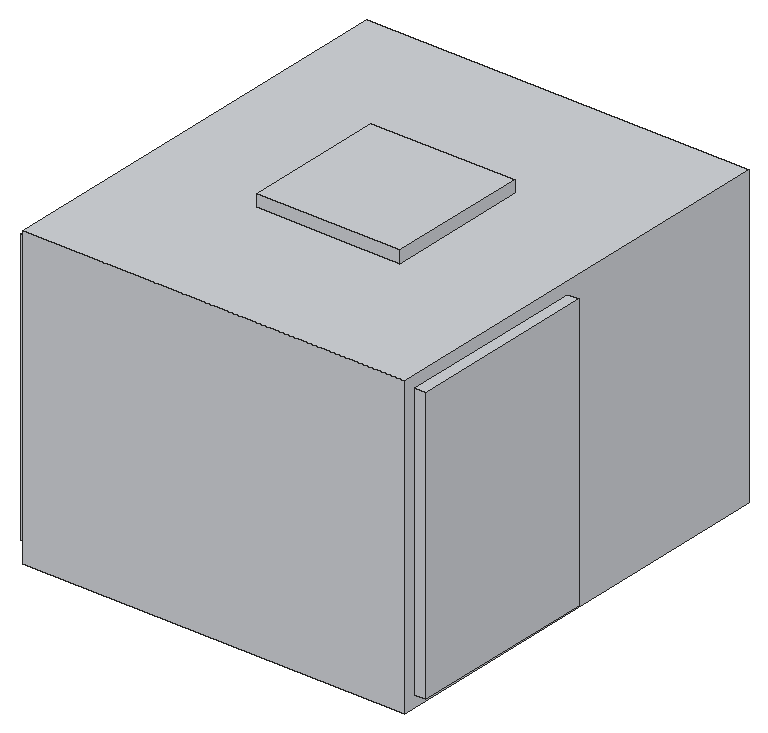
Revit family "b8012ef8675b4a7382fa5057be4af457", category Mechanical Equipment, Revit 2021
Family settings
  Round Connector Dimension = Use Diameter
  Part Type = Normal
  OmniClass Number = 23.75.35.17.14
  OmniClass Title = Fans, Single Units
  Seek Item ID = Fan Module -  Rear Discharge Up-0000-USA-ENU
  Work Plane-Based = No
  Always vertical = Yes
  Cut with Voids When Loaded = No
  Shared = No
  Room Calculation Point = No
Parameters (values of type "1800 CFM")
  Width = 1' - 4"
  Voltage = 208 V
  Symbol Motor Radius = Half Inlet Width * 0.4  # 0' - 6.4"
  Symbol Length = Fan Width / 2 - Symbol Motor Radius - 0' 2"  # 0' - 9.6"
  Radius 2 = 1 / 6 * Fan Length  # 0' - 5.33333"
  Outlet Width = Outlet Height  # 12"
  Outlet Height = 12"
  Load Classification = Cooling
  External Static Pressure [instance] = 0.75 in-wg
  Number of Poles = 3
  Inlet Width = Fan Height  # 25"
  Inlet Height = Fan Length  # 32"
  Half Inlet Width = Fan Length / 2  # 1' - 4"
  Half Inlet Height = Fan Width / 2  # 1' - 6"
  Half Fan Height = Fan Height / 2  # 1' - 0 1/2"
  Half Outlet Width = Outlet Width / 2  # 0' - 6"
  Half Outlet Height = Outlet Height / 2  # 0' - 6"
  Fan Width = 3' - 0"
  Fan Material = none
  Fan Length = 2' - 8"
  Fan Height = 2' - 1"
  Default Elevation = 0' - 0"
  Apparent Load [instance] = 13000 VA
  Air Flow [instance] = 1800 CFM
Types (17): name | Width | Voltage | Symbol Motor Radius | Symbol Length | Radius 2 | Outlet Width | Outlet Height | Inlet Width | Inlet Height | Half Inlet Width | Half Inlet Height | Half Fan Height | Half Outlet Width | Half Outlet Height | Fan Width | Fan Length | Fan Height | Apparent Load | Air Flow
  (no name) | 1' - 4" | 208 V | 0' - 6.4" | 0' - 9.6" | 0' - 5.33333" | 12" | 12" | 25" | 32" | 1' - 4" | 1' - 6" | 1' - 0 1/2" | 0' - 6" | 0' - 6" | 3' - 0" | 2' - 8" | 2' - 1" | 13000 VA | 1800 CFM
  1800 CFM | 1' - 4" | 208 V | 0' - 6.4" | 0' - 9.6" | 0' - 5.33333" | 12" | 12" | 25" | 32" | 1' - 4" | 1' - 6" | 1' - 0 1/2" | 0' - 6" | 0' - 6" | 3' - 0" | 2' - 8" | 2' - 1" | 13000 VA | 1800 CFM
  3600 CFM | 1' - 4" | 208 V | 0' - 8.8" | 0' - 10.2" | 0' - 7.33333" | 16" | 16" | 28" | 44" | 1' - 10" | 1' - 9" | 1' - 2" | 0' - 8" | 0' - 8" | 3' - 6" | 3' - 8" | 2' - 4" | 26000 VA | 3600 CFM
  4800 CFM | 1' - 4" | 208 V | 0' - 9.6" | 0' - 10.4" | 0' - 8" | 18" | 18" | 32" | 48" | 2' - 0" | 1' - 10" | 1' - 4" | 0' - 9" | 0' - 9" | 3' - 8" | 4' - 0" | 2' - 8" | 32000 VA | 4800 CFM
  6000 CFM | 1' - 4" | 208 V | 1' - 0" | 0' - 3" | 0' - 10" | 20" | 20" | 34" | 60" | 2' - 6" | 1' - 5" | 1' - 5" | 0' - 10" | 0' - 10" | 2' - 10" | 5' - 0" | 2' - 10" | 44000 VA | 6000 CFM
  7200 CFM | 1' - 4" | 208 V | 1' - 0.8" | 0' - 4.2" | 0' - 10.66667" | 22" | 22" | 38" | 64" | 2' - 8" | 1' - 7" | 1' - 7" | 0' - 11" | 0' - 11" | 3' - 2" | 5' - 4" | 3' - 2" | 53000 VA | 7200 CFM
  8400 CFM | 1' - 4" | 208 V | 1' - 1.6" | 0' - 4.4" | 0' - 11.33333" | 24" | 24" | 40" | 68" | 2' - 10" | 1' - 8" | 1' - 8" | 1' - 0" | 1' - 0" | 3' - 4" | 5' - 8" | 3' - 4" | 63000 VA | 8400 CFM
  10200 CFM | 1' - 4" | 208 V | 1' - 2.8" | 0' - 5.2" | 1' - 0.33333" | 28" | 28" | 44" | 74" | 3' - 1" | 1' - 10" | 1' - 10" | 1' - 2" | 1' - 2" | 3' - 8" | 6' - 2" | 3' - 8" | 75000 VA | 10200 CFM
  12600 CFM | 2' - 0" | 208 V | 1' - 3.2" | 0' - 7.8" | 1' - 0.66667" | 28" | 28" | 50" | 76" | 3' - 2" | 2' - 1" | 2' - 1" | 1' - 2" | 1' - 2" | 4' - 2" | 6' - 4" | 4' - 2" | 95000 VA | 12600 CFM
  15000 CFM | 2' - 0" | 208 V | 1' - 3.6" | 0' - 10.4" | 1' - 1" | 32" | 32" | 56" | 78" | 3' - 3" | 2' - 4" | 2' - 4" | 1' - 4" | 1' - 4" | 4' - 8" | 6' - 6" | 4' - 8" | 95000 VA | 15000 CFM
  18000 CFM | 2' - 0" | 208 V | 1' - 6.4" | 0' - 7.6" | 1' - 3.33333" | 32" | 32" | 56" | 92" | 3' - 10" | 2' - 4" | 2' - 4" | 1' - 4" | 1' - 4" | 4' - 8" | 7' - 8" | 4' - 8" | 120000 VA | 18000 CFM
  21000 CFM | 2' - 0" | 480 V | 1' - 7.2" | 0' - 9.8" | 1' - 4" | 34" | 34" | 62" | 96" | 4' - 0" | 2' - 7" | 2' - 7" | 1' - 5" | 1' - 5" | 5' - 2" | 8' - 0" | 5' - 2" | 120000 VA | 21000 CFM
  24000 CFM | 2' - 2 3/16" | 480 V | 1' - 10" | 0' - 7" | 1' - 6.33333" | 38" | 38" | 62" | 110" | 4' - 7" | 2' - 7" | 2' - 7" | 1' - 7" | 1' - 7" | 5' - 2" | 9' - 2" | 5' - 2" | 120000 VA | 24000 CFM
  30000 CFM | 2' - 2 3/16" | 480 V | 2' - 0" | 0' - 9" | 1' - 8" | 42" | 42" | 74" | 120" | 5' - 0" | 2' - 11" | 3' - 1" | 1' - 9" | 1' - 9" | 5' - 10" | 10' - 0" | 6' - 2" | 120000 VA | 30000 CFM
  39600 CFM | 2' - 0" | 480 V | 2' - 3.6" | 1' - 0.4" | 1' - 11" | 48" | 48" | 92" | 138" | 5' - 9" | 3' - 6" | 3' - 10" | 2' - 0" | 2' - 0" | 7' - 0" | 11' - 6" | 7' - 8" | 120000 VA | 39600 CFM
  48000 CFM | 2' - 0" | 480 V | 2' - 3.6" | 1' - 4.4" | 1' - 11" | 52" | 52" | 110" | 138" | 5' - 9" | 3' - 10" | 4' - 7" | 2' - 2" | 2' - 2" | 7' - 8" | 11' - 6" | 9' - 2" | 120000 VA | 48000 CFM
  60000 CFM | 2' - 0" | 480 V | 2' - 6.4" | 1' - 3.6" | 2' - 1.33333" | 64" | 64" | 120" | 152" | 6' - 4" | 4' - 0" | 5' - 0" | 2' - 8" | 2' - 8" | 8' - 0" | 12' - 8" | 10' - 0" | 120000 VA | 60000 CFM
Reference planes (in)
  plane 1 "Center (Front/Back)": y = 0
  plane 2: z = 0
  plane 3 "Center (Left/Right)": x = 0
  plane 4: x = -16
  plane 5: x = 16
  plane 6: y = -36
  plane 7: z = 25
  plane 8: x = -17
  plane 9: x = 17
  plane 10: y = -35
  plane 11: y = -19
  plane 12: z = 24
  plane 13: z = 1
  plane 14: x = -6
  plane 15: x = 6
  plane 16: y = -24
  plane 17: y = -18
  plane 18: y = -12
  plane 19: z = 26
  plane 20: z = 12.5
  plane 21: y = -18
  plane 22: y = -24.4
  plane 23: y = -34
  plane 24: x = 6.4
Forms (in)
  Extrusion 1, solid, material <- "Fan Material"
    sketch origin (0, 0, 0) x (1, 0, 0) y (0, 1, 0)
      loop
        line (-16, 0) -> (-16, -36) -> (16, -36) -> (16, 0) -> (-16, 0)
    from 0 to 25
  Extrusion 2, solid, material <- "Fan Material"
    sketch origin (0, 0, 0) x (0, 1, 0) y (0, 0, 1)
      loop
        line (-19, 24) -> (-35, 24) -> (-35, 1) -> (-19, 1) -> (-19, 24)
    from -17 to -16
  Extrusion 3, solid, material <- "Fan Material"
    sketch origin (0, 0, 0) x (0, 1, 0) y (0, 0, 1)
      loop
        line (-19, 24) -> (-35, 24) -> (-35, 1) -> (-19, 1) -> (-19, 24)
    from 16 to 17
  Extrusion 4, solid, material <- "Fan Material"
    sketch origin (0, 0, 0) x (1, 0, 0) y (0, 1, 0)
      loop
        line (-6, -12) -> (-6, -24) -> (6, -24) -> (6, -12) -> (-6, -12)
    from 25 to 26
Cuts and joins
  joined: Extrusion 1, Extrusion 2, Extrusion 3, Extrusion 4
Lines and regions (in)
  symbolic lines, detail levels coarse+medium
    curve 1: circle (0, -18, 12.5) r 5.33333 normal (0, 0, 1)
    curve 2: line (0, -24.4, 12.5) -> (0, -34, 12.5)
    curve 3: line (0, -34, 12.5) -> (6.4, -34, 12.5)
    curve 4: line (6.4, -34, 12.5) -> (6.4, -18, 12.5)
    curve 5: arc (6.4, -18, 12.5) -> (-4.52548, -13.47452, 12.5) -> (0, -24.4, 12.5) r 6.4
    curve 6: line (-17, 0, 12.5) -> (17, 0, 12.5)
    curve 7: line (-17, -36, 12.5) -> (-17, 0, 12.5)
    curve 8: line (17, -36, 12.5) -> (-17, -36, 12.5)
    curve 9: line (17, 0, 12.5) -> (17, -36, 12.5)
  symbolic lines, detail levels fine
    curve 10: line (-16, 0, 12.5) -> (16, 0, 12.5)
    curve 11: line (-16, -36, 12.5) -> (-16, 0, 12.5)
    curve 12: line (16, -36, 12.5) -> (-16, -36, 12.5)
    curve 13: line (16, 0, 12.5) -> (16, -36, 12.5)
    curve 14: line (-6, -12, 12.5) -> (6, -12, 12.5)
    curve 15: line (-6, -24, 12.5) -> (-6, -12, 12.5)
    curve 16: line (6, -24, 12.5) -> (-6, -24, 12.5)
    curve 17: line (6, -12, 12.5) -> (6, -24, 12.5)
    curve 18: line (-17, -19, 12.5) -> (-16, -19, 12.5)
    curve 19: line (-17, -35, 12.5) -> (-17, -19, 12.5)
    curve 20: line (-16, -35, 12.5) -> (-17, -35, 12.5)
    curve 21: line (-16, -19, 12.5) -> (-16, -35, 12.5)
    curve 22: line (16, -19, 12.5) -> (17, -19, 12.5)
    curve 23: line (16, -35, 12.5) -> (16, -19, 12.5)
    curve 24: line (17, -35, 12.5) -> (16, -35, 12.5)
    curve 25: line (17, -19, 12.5) -> (17, -35, 12.5)
Dimensions and locks (in)
  equal spacing: plane 4, plane 3 "Center (Left/Right)", plane 5
  "Half Inlet Width": plane 4 to plane 3 "Center (Left/Right)"
  "Fan Width": plane 6 to plane 1 "Center (Front/Back)"
  "Fan Height": plane 7 to plane 2
  locked: plane 4 to plane 8 at 1
  locked: plane 9 to plane 5 at 1
  locked: plane 10 to plane 6 at 1
  "Width": plane 11 to plane 10
  locked: plane 7 to plane 12 at 1
  locked: plane 13 to plane 2 at 1
  equal spacing: plane 14, plane 3 "Center (Left/Right)", plane 15
  "Half Outlet Width": plane 14 to plane 3 "Center (Left/Right)"
  locked: plane 16 to plane 6 at 12
  equal spacing: plane 18, plane 17, plane 16
  "Half Outlet Height": plane 17 to plane 16
  locked: plane 19 to plane 7 at 1
  "Half Fan Height": plane 20 to plane 2
  equal spacing: plane 6, plane 21, plane 1 "Center (Front/Back)"
  "Half Inlet Height": plane 21 to plane 1 "Center (Front/Back)"
  "Symbol Motor Radius": plane 21 to plane 22
  "Symbol Length": plane 22 to plane 23
  "Symbol Motor Radius": plane 3 "Center (Left/Right)" to plane 24
  "Radius 2": radius of curve 1
  aligned and locked: plane 4 to Extrusion 1 sketch curve
  aligned and locked: plane 1 "Center (Front/Back)" to Extrusion 1 sketch curve
  aligned and locked: plane 6 to Extrusion 1 sketch curve
  aligned and locked: Extrusion 1 sketch curve to plane 5
  aligned and locked: plane 7 to Extrusion 1
  aligned and locked: Extrusion 1 to level
  aligned and locked: plane 11 to Extrusion 2 sketch curve
  aligned and locked: plane 12 to Extrusion 2 sketch curve
  aligned and locked: plane 13 to Extrusion 2 sketch curve
  aligned and locked: plane 10 to Extrusion 2 sketch curve
  aligned and locked: Extrusion 2 to plane 8
  aligned and locked: plane 4 to Extrusion 2
  aligned and locked: Extrusion 3 sketch curve to Extrusion 2  (x3)
  aligned and locked: Extrusion 2 to Extrusion 3 sketch curve
  aligned and locked: plane 9 to Extrusion 3
  aligned and locked: Extrusion 3 to plane 5
  aligned and locked: plane 14 to Extrusion 4 sketch curve
  aligned and locked: Extrusion 4 sketch curve to plane 18
  aligned and locked: plane 16 to Extrusion 4 sketch curve
  aligned and locked: Extrusion 4 sketch curve to plane 15
  aligned and locked: plane 19 to Extrusion 4
  aligned and locked: Extrusion 4 to plane 7
  aligned and locked: plane 3 "Center (Left/Right)" to curve 1
  aligned and locked: plane 21 to curve 1
  aligned and locked: curve 2 to plane 3 "Center (Left/Right)"
  aligned and locked: curve 3 to plane 23
  aligned and locked: plane 24 to curve 4
  aligned and locked: plane 22 to curve 5
  aligned and locked: plane 24 to curve 5
  aligned and locked: plane 21 to curve 4
  aligned and locked: plane 8 to curve 6
  aligned and locked: plane 1 "Center (Front/Back)" to curve 6
  aligned and locked: plane 6 to curve 9
  aligned and locked: curve 9 to plane 9
  aligned and locked: curve 10 to cut or joined group of Extrusion 1, Extrusion 2, Extrusion 3, Extrusion 4
  aligned and locked: curve 6 to curve 10
  aligned and locked: curve 8 to curve 13
  aligned and locked: curve 13 to cut or joined group of Extrusion 1, Extrusion 2, Extrusion 3, Extrusion 4
  aligned and locked: curve 14 to cut or joined group of Extrusion 1, Extrusion 2, Extrusion 3, Extrusion 4  (x2)
  aligned and locked: cut or joined group of Extrusion 1, Extrusion 2, Extrusion 3, Extrusion 4 to curve 17
  aligned and locked: curve 17 to cut or joined group of Extrusion 1, Extrusion 2, Extrusion 3, Extrusion 4
  aligned and locked: curve 7 to curve 18
  aligned and locked: curve 18 to cut or joined group of Extrusion 1, Extrusion 2, Extrusion 3, Extrusion 4
  aligned and locked: curve 21 to cut or joined group of Extrusion 1, Extrusion 2, Extrusion 3, Extrusion 4
  aligned and locked: curve 21 to curve 11
  aligned and locked: curve 13 to curve 22
  aligned and locked: curve 22 to cut or joined group of Extrusion 1, Extrusion 2, Extrusion 3, Extrusion 4
  aligned and locked: curve 25 to cut or joined group of Extrusion 1, Extrusion 2, Extrusion 3, Extrusion 4
  aligned and locked: curve 9 to curve 25
Connectors (in)
  hvac at (0, -18, 26), driven by "Outlet Width", driven by "Outlet Height", driven by "Air Flow", driven by "External Static Pressure"
    settings: on cut or joined group of Extrusion 1, Extrusion 2, Extrusion 3, Extrusion 4, index 1, duct flow 1800 CFM, flow factor 0, pres drop 0.75 in-wg, loss coef 0, conn angle 0.00°, conn width 12", conn height 12", conn diameter 24", duct sys type 29, conn prof type 1, flow config 0, flow direction 2, loss method 0, conn ref index 2, conn util no, is conn primary yes, conn desc ""
  hvac at (0, 0, 12.5), driven by "Inlet Height", driven by "Inlet Width", driven by "Air Flow"
    settings: on cut or joined group of Extrusion 1, Extrusion 2, Extrusion 3, Extrusion 4, index 2, duct flow 1800 CFM, flow factor 0, pres drop 0.00 in-wg, loss coef 0, conn angle 0.00°, conn width 25", conn height 32", conn diameter 24", duct sys type 29, conn prof type 1, flow config 0, flow direction 1, loss method 0, conn ref index 1, conn util no, is conn primary no, conn desc ""
  electrical at (-17, -27, 12.5), driven by "Apparent Load", driven by "Voltage", driven by "Number of Poles", driven by "Load Classification"
    settings: on cut or joined group of Extrusion 1, Extrusion 2, Extrusion 3, Extrusion 4, index 3, voltage 208 V, apparent load 13000 VA, apparent load phase1 0 VA, apparent load phase2 0 VA, apparent load phase3 0 VA, power factor 0.8, load classification "Cooling", number of poles 3, system type 30, power factor state 1, is connector primary yes, connector utility no, sub classification motor no, connector description ""
